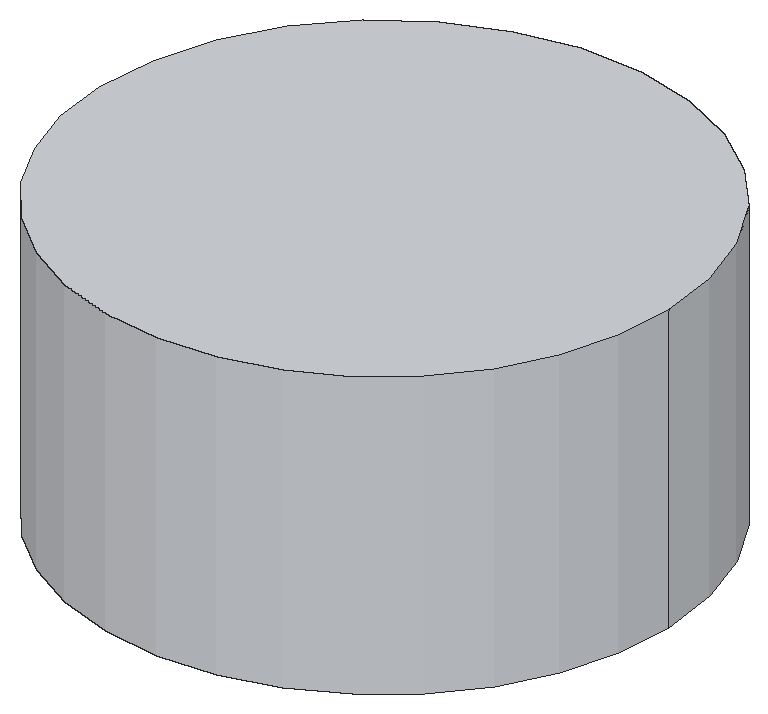
Revit family "09301600", category Specialty Equipment, Revit 2020
Family settings
  Round Connector Dimension = Use Diameter
  Part Type = Normal
  OmniClass Number = 23.40.40.14
  OmniClass Title = Food Service Equipment
  Work Plane-Based = No
  Always vertical = Yes
  Cut with Voids When Loaded = No
  Shared = No
  Room Calculation Point = No
Parameters (values of type "Standard")
  URL = "https://www.rustfriebergh.no/produkter/vannbad-varmeskap-varmeri/varmeskap-med-varm-topp-vsr-v/"
  Model = "09301600"
  Manufacturer = "RUSTFRIE BERGH AS"
  Description = "VSR 1600-V"
  Default Elevation = 0 mm
Reference planes
  plane 1 "Center (Front/Back)": y = 0
  plane 2: z = 0
  plane 3 "Center (Left/Right)": x = 0
Forms (mm)
  Extrusion 1, solid
    sketch origin (696.5, 118.5, 148.5) x (0, 1, 0) y (1, 0, 0)
      loop
        circle (0, 0) r 3.048
    from 0 to -3.048
Dimensions and locks
  aligned and locked: level to plane 2
Connectors
  electrical at (696.5, 118.5, 148.5)
    settings: on Extrusion 1, index 1, voltage 230 V, apparent load 1550 VA, apparent load phase1 0 VA, apparent load phase2 0 VA, apparent load phase3 0 VA, power factor 0, load classification "Other", number of poles 1, system type 30, power factor state 1, is connector primary yes, connector utility no, sub classification motor no, connector description "230V 50/60HZ 6,74A"
